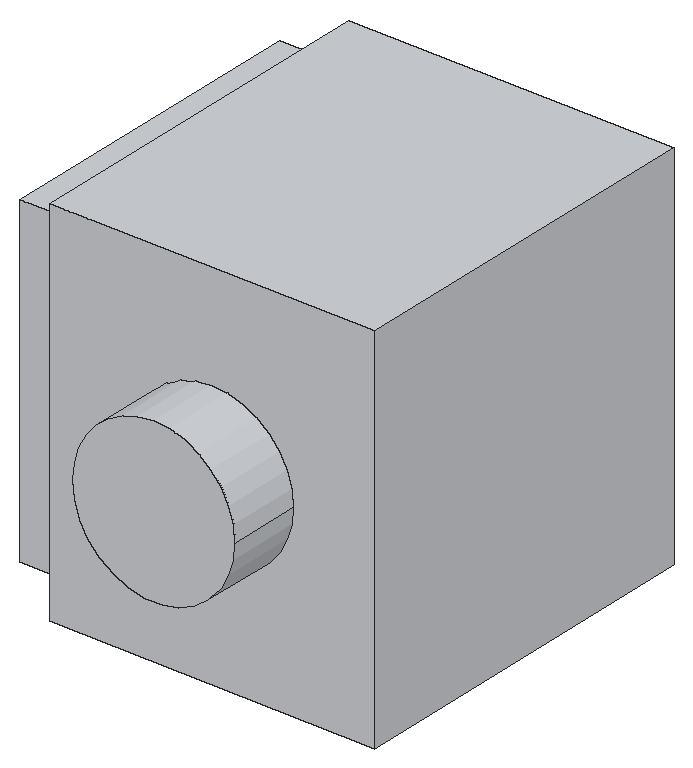
Revit family "M_Plenum de saída VAV - Tê", category Conexões de duto, Revit 2019
Family settings
  Cota do conector redondo = Usar raio
  Tipo de parte = Tê
  Número OmniClass = 23.75.70.11.14.24
  Título OmniClass = Air Mixers
  ID de item do Seek = VAV Outlet Plenum - Tee-0000-CAN-ENU
  Com base no plano de trabalho = Não
  Sempre na vertical = Sim
  Corte com vazios quando carregada = Não
  Compartilhado = Não
Parameters (values of type "Padrão")
  Largura do plenum = Largura do duto + 38 mm  # 288 mm
  Comprimento do plenum = 250 mm
  Altura do plenum = Altura do duto + 38 mm  # 288 mm
  Comprimento 1 = Largura do duto / 2 + 75 mm  # 200 mm
  Largura do duto = 250 mm
  Raio do duto 2 = 62.5 mm
  Raio do duto 1 = 62.5 mm
  Altura do duto = 250 mm
  Diâmetro do duto 2 = Raio do duto 2 * 2  # 125 mm
  Diâmetro do duto 1 = Raio do duto 1 * 2  # 125 mm
Reference planes
  plane 1 "Centro (Frente/Trás)": y = 0
  plane 2: z = 0
  plane 3 "Centro (Esquerda/Direita)": x = 0
  plane 4: y = 144
  plane 5: y = -144
  plane 6: y = -200
  plane 7: y = 200
  plane 8: x = -125
  plane 9: x = 125
  plane 10: x = -163.1
  plane 11: z = 144
  plane 12: z = -144
Forms (mm)
  Extrusion 1, solid
    sketch origin (0, 0, 0) x (1, 0, 0) y (0, 1, 0)
      loop
        line (-125, 144) -> (-125, -144) -> (125, -144) -> (125, 144) -> (-125, 144)
    from -144 to 144
  Extrusion 2, solid
    sketch origin (0, 0, 0) x (0, 1, 0) y (0, 0, 1)
      loop
        line (125, 125) -> (-125, 125) -> (-125, -125) -> (125, -125) -> (125, 125)
    from -163.1 to -125
  Extrusion 3, solid
    sketch origin (0, 0, 0) x (1, 0, 0) y (0, 0, 1)
      loop
        circle (0, 0) r 62.5
    from 144 to 200
  Extrusion 4, solid
    sketch origin (0, 0, 0) x (1, 0, 0) y (0, 0, 1)
      loop
        circle (0, 0) r 62.5
    from -200 to -144
Dimensions and locks
  equal spacing: plane 4, plane 1 "Centro (Frente/Trás)", plane 5
  "Largura do plenum": plane 4 to plane 5
  "Comprimento 1": plane 6 to plane 1 "Centro (Frente/Trás)"
  "Comprimento 1": plane 1 "Centro (Frente/Trás)" to plane 7
  equal spacing: plane 8, plane 3 "Centro (Esquerda/Direita)", plane 9
  "Comprimento do plenum": plane 8 to plane 9
  locked: plane 10 to plane 8 at 38.1
  equal spacing: plane 11, plane 2, plane 12
  "Altura do plenum": plane 11 to plane 12
  equal spacing: Extrusion 2 sketch curve, plane 1 "Centro (Frente/Trás)", Extrusion 2 sketch curve
  "Largura do duto": Extrusion 2 sketch curve to Extrusion 2 sketch curve
  equal spacing: Extrusion 2 sketch curve, plane 2, Extrusion 2 sketch curve
  "Altura do duto": Extrusion 2 sketch curve to Extrusion 2 sketch curve
  "Raio do duto 1": radius of Extrusion 3 sketch curve
  "Raio do duto 2": radius of Extrusion 4 sketch curve
  aligned and locked: plane 2 to level
  aligned and locked: Extrusion 1 sketch curve to plane 4
  aligned and locked: plane 8 to Extrusion 1 sketch curve
  aligned and locked: plane 5 to Extrusion 1 sketch curve
  aligned and locked: Extrusion 1 sketch curve to plane 9
  aligned and locked: Extrusion 1 to plane 12
  aligned and locked: plane 11 to Extrusion 1
  aligned and locked: Extrusion 2 to plane 10
  aligned and locked: plane 8 to Extrusion 2
  aligned and locked: plane 2 to Extrusion 3 sketch curve
  aligned and locked: plane 3 "Centro (Esquerda/Direita)" to Extrusion 3 sketch curve
  aligned and locked: plane 5 to Extrusion 3
  aligned and locked: Extrusion 3 to plane 6
  aligned and locked: plane 3 "Centro (Esquerda/Direita)" to Extrusion 4 sketch curve
  aligned and locked: plane 2 to Extrusion 4 sketch curve
  aligned and locked: Extrusion 4 to plane 4
  aligned and locked: plane 7 to Extrusion 4
Connectors
  hvac at (-163.1, 0, 0), driven by "Altura do duto", driven by "Largura do duto"
    settings: on Extrusion 2, index 1, duct flow 0.0 L/s, flow factor 0, pres drop 0.0 Pa, loss coef 0, conn angle 0.00°, conn width 250 mm, conn height 250 mm, conn diameter 609.6 mm, duct sys type 1, conn prof type 1, flow config 0, flow direction 1, loss method 4, conn ref index -1, conn util no, is conn primary yes, conn desc ""
  hvac at (0, -200, 0), driven by "Raio do duto 1"
    settings: on Extrusion 3, index 2, duct flow 0.0 L/s, flow factor 0, pres drop 0.0 Pa, loss coef 0, conn angle 0.00°, conn width 304.8 mm, conn height 304.8 mm, conn diameter 125 mm, duct sys type 1, conn prof type 0, flow config 0, flow direction 2, loss method 4, conn ref index -1, conn util no, is conn primary no, conn desc ""
  hvac at (0, 200, 0), driven by "Raio do duto 2"
    settings: on Extrusion 4, index 3, duct flow 0.0 L/s, flow factor 0, pres drop 0.0 Pa, loss coef 0, conn angle 0.00°, conn width 304.8 mm, conn height 304.8 mm, conn diameter 125 mm, duct sys type 1, conn prof type 0, flow config 0, flow direction 2, loss method 4, conn ref index -1, conn util no, is conn primary no, conn desc ""
Types in the file's own list only (85): name | Largura do plenum | Comprimento do plenum | Altura do plenum | Comprimento 1 | Largura do duto | Raio do duto 2 | Raio do duto 1 | Altura do duto | Diâmetro do duto 2 | Diâmetro do duto 1
  250x250-125 | 288 mm | 250 mm | 288 mm | 200 mm | 250 mm | 63 mm | 63 mm | 250 mm | 125 mm | 125 mm
  300x250-125 | 338 mm | 250 mm | 288 mm | 225 mm | 300 mm | 63 mm | 63 mm | 250 mm | 125 mm | 125 mm
  300x250-150 | 338 mm | 250 mm | 288 mm | 225 mm | 300 mm | 75 mm | 75 mm | 250 mm | 150 mm | 150 mm
  350x250-125 | 388 mm | 250 mm | 288 mm | 250 mm | 350 mm | 63 mm | 63 mm | 250 mm | 125 mm | 125 mm
  350x250-150 | 388 mm | 250 mm | 288 mm | 250 mm | 350 mm | 75 mm | 75 mm | 250 mm | 150 mm | 150 mm
  400x250-125 | 438 mm | 250 mm | 288 mm | 275 mm | 400 mm | 63 mm | 63 mm | 250 mm | 125 mm | 125 mm
  400x250-150 | 438 mm | 250 mm | 288 mm | 275 mm | 400 mm | 75 mm | 75 mm | 250 mm | 150 mm | 150 mm
  400x250-200 | 438 mm | 250 mm | 288 mm | 275 mm | 400 mm | 100 mm | 100 mm | 250 mm | 200 mm | 200 mm
  450x250-125 | 488 mm | 250 mm | 288 mm | 300 mm | 450 mm | 63 mm | 63 mm | 250 mm | 125 mm | 125 mm
  450x250-150 | 488 mm | 250 mm | 288 mm | 300 mm | 450 mm | 75 mm | 75 mm | 250 mm | 150 mm | 150 mm
  450x250-200 | 488 mm | 250 mm | 288 mm | 300 mm | 450 mm | 100 mm | 100 mm | 250 mm | 200 mm | 200 mm
  500x250-125 | 538 mm | 250 mm | 288 mm | 325 mm | 500 mm | 63 mm | 63 mm | 250 mm | 125 mm | 125 mm
  500x250-150 | 538 mm | 250 mm | 288 mm | 325 mm | 500 mm | 75 mm | 75 mm | 250 mm | 150 mm | 150 mm
  500x250-200 | 538 mm | 250 mm | 288 mm | 325 mm | 500 mm | 100 mm | 100 mm | 250 mm | 200 mm | 200 mm
  500x250-250 | 538 mm | 250 mm | 288 mm | 325 mm | 500 mm | 125 mm | 125 mm | 250 mm | 250 mm | 250 mm
  300x300-150 | 338 mm | 300 mm | 338 mm | 225 mm | 300 mm | 75 mm | 75 mm | 300 mm | 150 mm | 150 mm
  350x300-150 | 388 mm | 300 mm | 338 mm | 250 mm | 350 mm | 75 mm | 75 mm | 300 mm | 150 mm | 150 mm
  400x300-150 | 438 mm | 300 mm | 338 mm | 275 mm | 400 mm | 75 mm | 75 mm | 300 mm | 150 mm | 150 mm
  400x300-200 | 438 mm | 300 mm | 338 mm | 275 mm | 400 mm | 100 mm | 100 mm | 300 mm | 200 mm | 200 mm
  450x300-150 | 488 mm | 300 mm | 338 mm | 300 mm | 450 mm | 75 mm | 75 mm | 300 mm | 150 mm | 150 mm
  450x300-200 | 488 mm | 300 mm | 338 mm | 300 mm | 450 mm | 100 mm | 100 mm | 300 mm | 200 mm | 200 mm
  500x300-150 | 538 mm | 300 mm | 338 mm | 325 mm | 500 mm | 75 mm | 75 mm | 300 mm | 150 mm | 150 mm
  500x300-200 | 538 mm | 300 mm | 338 mm | 325 mm | 500 mm | 100 mm | 100 mm | 300 mm | 200 mm | 200 mm
  500x300-250 | 538 mm | 300 mm | 338 mm | 325 mm | 500 mm | 125 mm | 125 mm | 300 mm | 250 mm | 250 mm
  550x300-150 | 588 mm | 300 mm | 338 mm | 350 mm | 550 mm | 75 mm | 75 mm | 300 mm | 150 mm | 150 mm
  550x300-200 | 588 mm | 300 mm | 338 mm | 350 mm | 550 mm | 100 mm | 100 mm | 300 mm | 200 mm | 200 mm
  550x300-250 | 588 mm | 300 mm | 338 mm | 350 mm | 550 mm | 125 mm | 125 mm | 300 mm | 250 mm | 250 mm
  600x300-150 | 638 mm | 300 mm | 338 mm | 375 mm | 600 mm | 75 mm | 75 mm | 300 mm | 150 mm | 150 mm
  600x300-200 | 638 mm | 300 mm | 338 mm | 375 mm | 600 mm | 100 mm | 100 mm | 300 mm | 200 mm | 200 mm
  600x300-250 | 638 mm | 300 mm | 338 mm | 375 mm | 600 mm | 125 mm | 125 mm | 300 mm | 250 mm | 250 mm
  600x300-300 | 638 mm | 300 mm | 338 mm | 375 mm | 600 mm | 150 mm | 150 mm | 300 mm | 300 mm | 300 mm
  400x350-200 | 438 mm | 350 mm | 388 mm | 275 mm | 400 mm | 100 mm | 100 mm | 350 mm | 200 mm | 200 mm
  450x350-200 | 488 mm | 350 mm | 388 mm | 300 mm | 450 mm | 100 mm | 100 mm | 350 mm | 200 mm | 200 mm
  500x350-200 | 538 mm | 350 mm | 388 mm | 325 mm | 500 mm | 100 mm | 100 mm | 350 mm | 200 mm | 200 mm
  500x350-250 | 538 mm | 350 mm | 388 mm | 325 mm | 500 mm | 125 mm | 125 mm | 350 mm | 250 mm | 250 mm
  550x350-200 | 588 mm | 350 mm | 388 mm | 350 mm | 550 mm | 100 mm | 100 mm | 350 mm | 200 mm | 200 mm
  550x350-250 | 588 mm | 350 mm | 388 mm | 350 mm | 550 mm | 125 mm | 125 mm | 350 mm | 250 mm | 250 mm
  600x350-200 | 638 mm | 350 mm | 388 mm | 375 mm | 600 mm | 100 mm | 100 mm | 350 mm | 200 mm | 200 mm
  600x350-250 | 638 mm | 350 mm | 388 mm | 375 mm | 600 mm | 125 mm | 125 mm | 350 mm | 250 mm | 250 mm
  600x350-300 | 638 mm | 350 mm | 388 mm | 375 mm | 600 mm | 150 mm | 150 mm | 350 mm | 300 mm | 300 mm
  650x350-200 | 688 mm | 350 mm | 388 mm | 400 mm | 650 mm | 100 mm | 100 mm | 350 mm | 200 mm | 200 mm
  650x350-250 | 688 mm | 350 mm | 388 mm | 400 mm | 650 mm | 125 mm | 125 mm | 350 mm | 250 mm | 250 mm
  650x350-300 | 688 mm | 350 mm | 388 mm | 400 mm | 650 mm | 150 mm | 150 mm | 350 mm | 300 mm | 300 mm
  700x350-200 | 738 mm | 350 mm | 388 mm | 425 mm | 700 mm | 100 mm | 100 mm | 350 mm | 200 mm | 200 mm
  700x350-250 | 738 mm | 350 mm | 388 mm | 425 mm | 700 mm | 125 mm | 125 mm | 350 mm | 250 mm | 250 mm
  700x350-300 | 738 mm | 350 mm | 388 mm | 425 mm | 700 mm | 150 mm | 150 mm | 350 mm | 300 mm | 300 mm
  700x350-350 | 738 mm | 350 mm | 388 mm | 425 mm | 700 mm | 175 mm | 175 mm | 350 mm | 350 mm | 350 mm
  500x400-250 | 538 mm | 400 mm | 438 mm | 325 mm | 500 mm | 125 mm | 125 mm | 400 mm | 250 mm | 250 mm
  550x400-250 | 588 mm | 400 mm | 438 mm | 350 mm | 550 mm | 125 mm | 125 mm | 400 mm | 250 mm | 250 mm
  600x400-250 | 638 mm | 400 mm | 438 mm | 375 mm | 600 mm | 125 mm | 125 mm | 400 mm | 250 mm | 250 mm
  600x400-300 | 638 mm | 400 mm | 438 mm | 375 mm | 600 mm | 150 mm | 150 mm | 400 mm | 300 mm | 300 mm
  650x400-250 | 688 mm | 400 mm | 438 mm | 400 mm | 650 mm | 125 mm | 125 mm | 400 mm | 250 mm | 250 mm
  650x400-300 | 688 mm | 400 mm | 438 mm | 400 mm | 650 mm | 150 mm | 150 mm | 400 mm | 300 mm | 300 mm
  700x400-250 | 738 mm | 400 mm | 438 mm | 425 mm | 700 mm | 125 mm | 125 mm | 400 mm | 250 mm | 250 mm
  700x400-300 | 738 mm | 400 mm | 438 mm | 425 mm | 700 mm | 150 mm | 150 mm | 400 mm | 300 mm | 300 mm
  700x400-350 | 738 mm | 400 mm | 438 mm | 425 mm | 700 mm | 175 mm | 175 mm | 400 mm | 350 mm | 350 mm
  750x400-250 | 788 mm | 400 mm | 438 mm | 450 mm | 750 mm | 125 mm | 125 mm | 400 mm | 250 mm | 250 mm
  750x400-300 | 788 mm | 400 mm | 438 mm | 450 mm | 750 mm | 150 mm | 150 mm | 400 mm | 300 mm | 300 mm
  750x400-350 | 788 mm | 400 mm | 438 mm | 450 mm | 750 mm | 175 mm | 175 mm | 400 mm | 350 mm | 350 mm
  800x400-250 | 838 mm | 400 mm | 438 mm | 475 mm | 800 mm | 125 mm | 125 mm | 400 mm | 250 mm | 250 mm
  800x400-300 | 838 mm | 400 mm | 438 mm | 475 mm | 800 mm | 150 mm | 150 mm | 400 mm | 300 mm | 300 mm
  800x400-350 | 838 mm | 400 mm | 438 mm | 475 mm | 800 mm | 175 mm | 175 mm | 400 mm | 350 mm | 350 mm
  800x400-400 | 838 mm | 400 mm | 438 mm | 475 mm | 800 mm | 200 mm | 200 mm | 400 mm | 400 mm | 400 mm
  600x450-300 | 638 mm | 450 mm | 488 mm | 375 mm | 600 mm | 150 mm | 150 mm | 450 mm | 300 mm | 300 mm
  650x450-300 | 688 mm | 450 mm | 488 mm | 400 mm | 650 mm | 150 mm | 150 mm | 450 mm | 300 mm | 300 mm
  700x450-300 | 738 mm | 450 mm | 488 mm | 425 mm | 700 mm | 150 mm | 150 mm | 450 mm | 300 mm | 300 mm
  700x450-350 | 738 mm | 450 mm | 488 mm | 425 mm | 700 mm | 175 mm | 175 mm | 450 mm | 350 mm | 350 mm
  750x450-300 | 788 mm | 450 mm | 488 mm | 450 mm | 750 mm | 150 mm | 150 mm | 450 mm | 300 mm | 300 mm
  750x450-350 | 788 mm | 450 mm | 488 mm | 450 mm | 750 mm | 175 mm | 175 mm | 450 mm | 350 mm | 350 mm
  800x450-300 | 838 mm | 450 mm | 488 mm | 475 mm | 800 mm | 150 mm | 150 mm | 450 mm | 300 mm | 300 mm
  800x450-350 | 838 mm | 450 mm | 488 mm | 475 mm | 800 mm | 175 mm | 175 mm | 450 mm | 350 mm | 350 mm
  800x450-400 | 838 mm | 450 mm | 488 mm | 475 mm | 800 mm | 200 mm | 200 mm | 450 mm | 400 mm | 400 mm
  850x450-300 | 888 mm | 450 mm | 488 mm | 500 mm | 850 mm | 150 mm | 150 mm | 450 mm | 300 mm | 300 mm
  850x450-350 | 888 mm | 450 mm | 488 mm | 500 mm | 850 mm | 175 mm | 175 mm | 450 mm | 350 mm | 350 mm
  850x450-400 | 888 mm | 450 mm | 488 mm | 500 mm | 850 mm | 200 mm | 200 mm | 450 mm | 400 mm | 400 mm
  900x450-300 | 938 mm | 450 mm | 488 mm | 525 mm | 900 mm | 150 mm | 150 mm | 450 mm | 300 mm | 300 mm
  900x450-350 | 938 mm | 450 mm | 488 mm | 525 mm | 900 mm | 175 mm | 175 mm | 450 mm | 350 mm | 350 mm
  900x450-400 | 938 mm | 450 mm | 488 mm | 525 mm | 900 mm | 200 mm | 200 mm | 450 mm | 400 mm | 400 mm
  900x450-450 | 938 mm | 450 mm | 488 mm | 525 mm | 900 mm | 225 mm | 225 mm | 450 mm | 450 mm | 450 mm
  950x450-450 | 988 mm | 450 mm | 488 mm | 550 mm | 950 mm | 225 mm | 225 mm | 450 mm | 450 mm | 450 mm
  1000x450-450 | 1038 mm | 450 mm | 488 mm | 575 mm | 1000 mm | 225 mm | 225 mm | 450 mm | 450 mm | 450 mm
  1050x450-450 | 1088 mm | 450 mm | 488 mm | 600 mm | 1050 mm | 225 mm | 225 mm | 450 mm | 450 mm | 450 mm
  1100x450-450 | 1138 mm | 450 mm | 488 mm | 625 mm | 1100 mm | 225 mm | 225 mm | 450 mm | 450 mm | 450 mm
  1150x450-450 | 1188 mm | 450 mm | 488 mm | 650 mm | 1150 mm | 225 mm | 225 mm | 450 mm | 450 mm | 450 mm
  1200x450-450 | 1238 mm | 450 mm | 488 mm | 675 mm | 1200 mm | 225 mm | 225 mm | 450 mm | 450 mm | 450 mm
